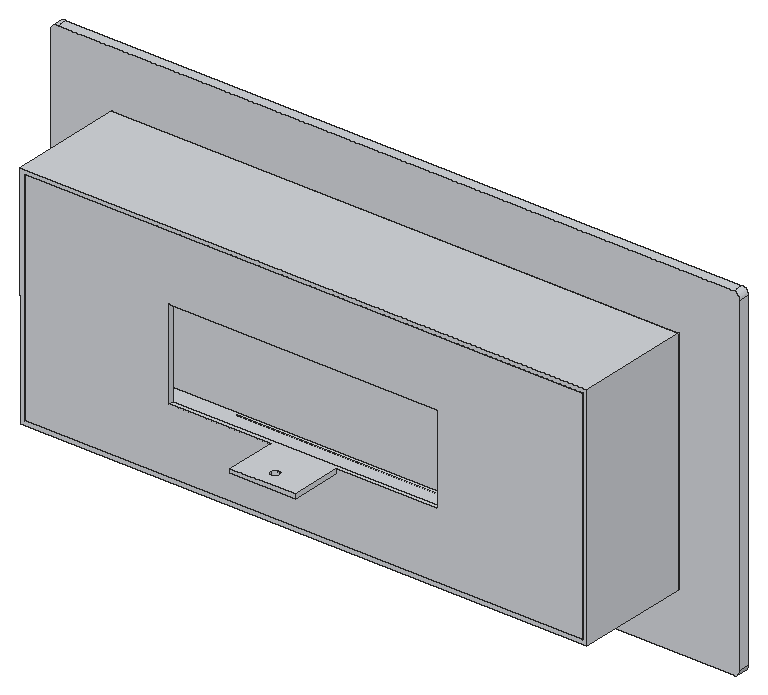
Revit family "MHY-15-RECT", category Pipe Accessories, host Wall, Revit 2018
Family settings
  Host = Wall
  Round Connector Dimension = Use Diameter
  Part Type = Normal
  Always vertical = Yes
  Cut with Voids When Loaded = No
  Shared = No
Parameters (values of type "MHY-15-RECT")
  Width = 0' - 10 1/2"
  URL = "WWW.MIFAB.COM"
  Offset = 3' - 0"
  Model = "MHY-15-RECT"
  Manufacturer = "MIFAB"
  In Width = 0' - 8 5/8"
  Height = 0' - 5 1/4"
  Description = "RECTANGULAR HYDRANT BOX FOR MHY-10, 30 & 50 SERIES HYDRANTS"
Reference planes (in)
  plane 1 "Wall": y = 0
  plane 2 "Center (Left/Right)": x = 4.92126
  plane 3 "Back": y = 2.95276
  plane 4: z = 36
  plane 5: z = 41.25
  plane 6 "1": x = 10.17126
  plane 7 "2": x = -0.32874
  plane 8: z = 38.625
  plane 9: x = 9.23376
  plane 10: x = 0.60876
  plane 11: y = 1.20276
  plane 12: y = 3.11024
  plane 13: y = 3.1383
  plane 14: z = 40.375
  plane 15: z = 36.875
  plane 16: x = 9.17126
  plane 17: x = 0.67126
  plane 18: z = 36.9375
  plane 19: z = 40.3125
  plane 20: y = 1.27002
Forms (in)
  Extrusion 1, solid
    sketch origin (0, 0, 0) x (1, 0, 0) y (0, 0, 1)
      loop
        line (10.06932, 41.25) -> (-0.2268, 41.25)
        arc (-0.2268, 41.25) -> (-0.29888, 41.22014) -> (-0.32874, 41.14806) r 0.10194
        line (-0.32874, 41.14806) -> (-0.32874, 36.10194)
        arc (-0.32874, 36.10194) -> (-0.29888, 36.02986) -> (-0.2268, 36) r 0.10194
        line (-0.2268, 36) -> (10.06932, 36)
        arc (10.06932, 36) -> (10.1414, 36.02986) -> (10.17126, 36.10194) r 0.10194
        line (10.17126, 36.10194) -> (10.17126, 41.14806)
        arc (10.17126, 41.14806) -> (10.1414, 41.22014) -> (10.06932, 41.25) r 0.10194
      loop
        line (9.23376, 40.375) -> (0.60876, 40.375) -> (0.60876, 36.875) -> (9.23376, 36.875) -> (9.23376, 40.375)
    from -2.95276 to -3.11024
  Extrusion 2, solid
    sketch origin (0, 0, 0) x (1, 0, 0) y (0, 0, 1)
      loop
        line (9.23376, 40.375) -> (0.60876, 40.375) -> (0.60876, 36.875) -> (9.23376, 36.875) -> (9.23376, 40.375)
    from -3.11024 to -2.95276
  Extrusion 3, solid
    sketch origin (2.42126, 0, 0) x (0, 1, 0) y (0, 0, 1)
      loop
        circle (3.11024, 36.875) r 0.07874
    from 0 to 5
  Extrusion 4, solid
    sketch origin (0, 0, 0) x (1, 0, 0) y (0, 0, 1)
      loop
        line (9.23376, 40.375) -> (0.60876, 40.375) -> (0.60876, 36.875) -> (9.23376, 36.875) -> (9.23376, 40.375)
      loop
        line (9.17126, 36.9375) -> (9.17126, 40.3125) -> (0.67126, 40.3125) -> (0.67126, 36.9375) -> (9.17126, 36.9375)
    from -2.95276 to -1.20276
  Extrusion 5, solid
    sketch origin (0, 0, 0) x (1, 0, 0) y (0, 0, 1)
      loop
        line (9.17126, 40.3125) -> (0.67126, 40.3125) -> (0.67126, 36.9375) -> (9.17126, 36.9375) -> (9.17126, 40.3125)
      loop
        line (6.97028, 39.3033) -> (2.87224, 39.3033) -> (2.87224, 37.9467) -> (6.97028, 37.9467) -> (6.97028, 39.3033)
    from -1.27002 to -1.20276
  Extrusion 6, solid
    sketch origin (0, 0, 0) x (1, 0, 0) y (0, 1, 0)
      loop
        line (4.42126, 1.27002) -> (4.42126, 0.43093) -> (5.42126, 0.43093) -> (5.42126, 1.27002) -> (4.42126, 1.27002)
      loop
        circle (4.92126, 0.66609) r 0.06431
    from 37.88495 to 37.9467
Cuts and joins
  joined: Extrusion 5, Extrusion 6
Lines and regions (in)
  model lines, not visible
    curve 1: line (-10.30645, 0, 55.78996) -> (-10.30645, 0, 62.78996)
    curve 2: line (-10.30645, 0, 62.78996) -> (-17.49395, 0, 62.78996)
    curve 3: line (-17.49395, 0, 62.78996) -> (-17.49395, 0, 55.78996)
    curve 4: line (-14.16891, 0, 53.08226) -> (-14.16891, 0, 59.33226)
    curve 5: line (-14.16891, 0, 59.33226) -> (-17.16891, 0, 59.33226)
    curve 6: line (-14.16891, 0, 53.08226) -> (-17.16891, 0, 53.08226)
    curve 7: line (-14.16891, 0, 56.20726) -> (-15.16891, 0, 56.20726)
    curve 8: line (6.89663, 0, 28.9553) -> (7.89663, 0, 28.9553)
    curve 9: line (7.89663, 0, 28.9553) -> (7.89663, 0, 32.4553)
    curve 10: line (7.89663, 0, 32.4553) -> (6.89663, 0, 32.4553)
    curve 11: line (7.89663, 0, 30.7053) -> (7.39663, 0, 30.7053)
Text (in)
  text "Placement Side" at (-72.78884, 43.96769, 0), in view "Ref. Level"
  text "Placement side" at (0, 55.50411, 112.37426), in view "Left"
  text "Placement side" at (0, 19.67758, 117.35164), in view "Right"
Dimensions and locks (in)
  locked: plane 3 "Back" to host wall
  "Offset": level to plane 4
  "Height": plane 4 to plane 5
  equal spacing: plane 7 "2", plane 2 "Center (Left/Right)", plane 6 "1"
  "Width": plane 7 "2" to plane 6 "1"
  equal spacing: plane 4, plane 8, plane 5
  equal spacing: plane 10, plane 2 "Center (Left/Right)", plane 9
  "In Width": plane 10 to plane 9
  plane 3 "Back" to plane 11 = 0' - 1 3/4"
  locked: plane 12 to plane 3 "Back" at 0.15748
  locked: plane 7 "2" to nested 1 at 1.6875
  locked: plane 12 to plane 13 at 0.02806
  equal spacing: plane 15, plane 8, plane 14
  plane 15 to plane 14 = 0' - 3 1/2"
  locked: plane 10 to plane 17 at 0.0625
  locked: plane 9 to plane 16 at 0.0625
  locked: plane 19 to plane 14 at 0.0625
  locked: plane 15 to plane 18 at 0.0625
  locked: plane 20 to plane 11 at 0.06726
  aligned and locked: plane 1 "Wall" to host wall
  aligned and locked: plane 5 to Extrusion 1 sketch curve
  aligned and locked: Extrusion 1 sketch curve to plane 6 "1"
  aligned and locked: Extrusion 1 sketch curve to plane 4
  aligned and locked: Extrusion 1 sketch curve to plane 7 "2"
  aligned and locked: Extrusion 1 to plane 3 "Back"
  aligned and locked: Extrusion 1 to plane 12
  aligned and locked: Extrusion 1 sketch curve to plane 9
  aligned and locked: Extrusion 1 sketch curve to plane 10
  aligned and locked: Extrusion 2 sketch curve to Extrusion 1  (x2)
  aligned and locked: Extrusion 1 to Extrusion 2
  aligned and locked: Extrusion 2 to host wall
  aligned and locked: nested 1 to plane 8
  aligned and locked: Extrusion 1 sketch curve to plane 15
  aligned and locked: plane 9 to Extrusion 4 sketch curve
  aligned and locked: Extrusion 4 sketch curve to plane 10
  aligned and locked: plane 14 to Extrusion 4 sketch curve
  aligned and locked: plane 15 to Extrusion 4 sketch curve
  aligned and locked: plane 16 to Extrusion 4 sketch curve
  aligned and locked: Extrusion 4 sketch curve to plane 17
  aligned and locked: plane 18 to Extrusion 4 sketch curve
  aligned and locked: plane 19 to Extrusion 4 sketch curve
  aligned and locked: Extrusion 4 to plane 3 "Back"
  aligned and locked: Extrusion 4 to plane 11
  aligned and locked: Extrusion 5 sketch curve to Extrusion 4  (x4)
  aligned and locked: plane 20 to Extrusion 5
  aligned and locked: Extrusion 5 to plane 11
  aligned and locked: Extrusion 6 to Extrusion 5
Automatic sketch dimensions
  Extrusion 1 sketch curve to plane 14 = 0' - 0"
  plane 7 "2" to Extrusion 1 sketch curve = 0' - 0.10194"  (x2)
  plane 6 "1" to Extrusion 1 sketch curve = 0' - 0.10194"
  Extrusion 1 sketch curve to plane 5 = 0' - 0.10194"
  Extrusion 2 sketch curve to plane 15 = 0' - 0"
  Extrusion 2 sketch curve to plane 14 = 0' - 0"
  plane 8 to Extrusion 5 sketch curve = 0' - 0.6783"
  Extrusion 5 sketch curve to plane 2 "Center (Left/Right)" = 0' - 2.04902"
  Extrusion 5 sketch curve to plane 8 = 0' - 0.6783"
  plane 2 "Center (Left/Right)" to Extrusion 5 sketch curve = 0' - 2.04902"
  Extrusion 6 sketch curve to plane 20 = 0' - 0"
  Extrusion 6 sketch curve to plane 2 "Center (Left/Right)" = 0' - 0"
  Extrusion 6 sketch curve to plane 2 "Center (Left/Right)" = 0' - 0 1/2"
  plane 2 "Center (Left/Right)" to Extrusion 6 sketch curve = 0' - 0 1/2"
  Extrusion 6 sketch curve to host wall = 0' - 0.66609"
  Extrusion 6 sketch curve to host wall = 0' - 0.43093"
  Extrusion 3 sketch curve to plane 12 = 0' - 0"
  Extrusion 3 sketch curve to plane 15 = 0' - 0"
  radius of Extrusion 6 sketch curve = 0' - 0.06431"
  radius of Extrusion 3 sketch curve = 0' - 0.07874"
Nested families (in)
  nested 1: "Family3" at (1.35876, 3.11024, 38.625) x (1, 0, 0) z (0, 1, 0), type "Family3"
Definition of nested family "Family3"
  Parameters (values of type "Family3")
    Default Elevation = 4' - 0"
  Reference planes (in)
    plane 1 "Center (Front/Back)": y = 0
    plane 2: z = 0
    plane 3 "Center (Left/Right)": x = 0
  Forms (in)
    Extrusion 1, solid
      sketch origin (0, 0, 0) x (1, 0, 0) y (0, 1, 0)
        loop
          line (-48, 48) -> (-48, -48) -> (48, -48) -> (48, 48) -> (-48, 48)
      from 0 to -12
    Revolve 2, solid
      sketch origin (7.21751, 0, -3.14872) x (-1, 0, 0) y (0, 0, -1)
        loop
          line (7.21751, -3.05118) -> (7.21751, -3.20825) -> (7.49057, -3.20825) -> (7.51833, -3.14872) -> (7.51833, -3.05118) -> (7.21751, -3.05118)
        axis (7.21751, -3.05118) -> (7.21751, -3.20825)
      angle from 0 to 360
    Extrusion 3, void
      sketch origin (-2.62501, 40.46663, 3.20825) x (0, -1, 0) y (1, 0, 0)
        loop
          circle (40.46663, 2.62501) r 0.05499
      from -3.17922 to -3.14961
  Cuts and joins
    Extrusion 3 cuts Revolve 2
  Dimensions and locks (in)
    aligned and locked: plane 2 to Extrusion 1
    aligned and locked: level to Extrusion 1
